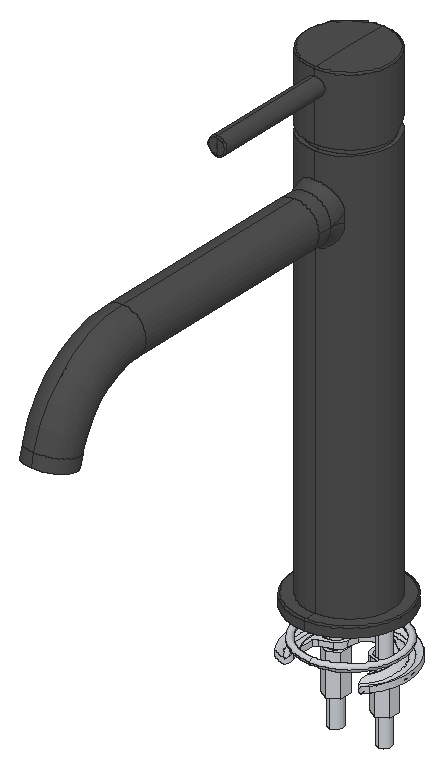
Revit family "Reece_Tap_Mizu_Drift_Basin Mixer_Curved_Medium", category Plumbing Fixtures, host Face, Revit 2018
Family settings
  Host = Face
  Round Connector Dimension = Use Diameter
  Part Type = Normal
  Cut with Voids When Loaded = No
  Shared = Yes
  Room Calculation Point = Yes
Parameters (values of type "165 mm_Matte Black")
  WFU = 0  # constant formula
  URL = "https://www.reece.com.au/product/-2267221"
  Type Comments = "Tap"
  Reece_Tap_Reach = 165 mm  # constant formula
  Reece_Tap_Inlet = 12 mm  # constant formula
  Reece_Tap_Clearance = 128 mm  # constant formula
  Reece_Product_Web Page = "https://www.reece.com.au/product/-2267221"
  Reece_Product_Type = "Tap"  # constant formula
  Reece_Product_Sub Brand = "Drift"  # constant formula
  Reece_Product_Number = "2267221"
  Reece_Product_Mount = "Hob Mounted"  # constant formula
  Reece_Product_Description = "Mizu Drift Medium Height Basin Mixer Curved Spout Matte Black (6 Star)"
  Reece_Product_Brand = "Mizu"  # constant formula
  Reece_Overall_Length = 200 mm  # constant formula
  Reece_Overall_Height = 221 mm  # constant formula
  Reece_Nozzle_Pipe Radius = 10.5 mm  # constant formula
  Reece_Material_Main = Reece_Brass_Matte Black
  Reece_Detail_Shape = "Curved"  # constant formula
  Reece_Detail_Installation = ""
  Reece_Detail_Disclaimer = "THIS FILE IS THE PROPERTY OF THE REECE GROUP. IT MAY NOT BE REPRODUCED, REVERSE-ENGINEERED, OR MODIFIED. ANY REPUBLICATION, TRANSMISSION, OR DISTRIBUTION FOR THE PURPOSE OF COMMERCIALLY EXPLOITING THE FILES IS PROHIBITED."  # constant formula
  Reece_Detail_Connector = ""
  Reece_Detail_Additional = "Medium Height"  # constant formula
  Model = "Drift"
  Manufacturer = "Mizu"
  Keynote = "Product #2267221, Reece_Tap_Mizu_Drift_Basin Mixer_Curved_Medium - 165 mm_Matte Black"
  HWFU = 0  # constant formula
  Disclaimer = "THIS FILE IS THE PROPERTY OF THE REECE GROUP. IT MAY NOT BE REPRODUCED, REVERSE-ENGINEERED, OR MODIFIED. ANY REPUBLICATION, TRANSMISSION, OR DISTRIBUTION FOR THE PURPOSE OF COMMERCIALLY EXPLOITING THE FILES IS PROHIBITED."  # constant formula
  Description = "Mizu Drift Medium Height Basin Mixer Curved Spout Matte Black (6 Star)"
  Default Elevation = 1000 mm
  CWFU = 0  # constant formula
Types (5, lengths in mm): name | URL | Reece_Product_Web Page | Reece_Product_Number | Reece_Product_Description | Reece_Material_Main | Keynote | Description
  165 mm_Brushed Nickel | "https://www.reece.com.au/product/-2267241" | "https://www.reece.com.au/product/-2267241" | "2267241" | "Mizu Drift Medium Height Basin Mixer Curved Spout Brushed Nickel (6 Star)" | Reece_Brass_Brushed Nickel | "Product #2267241, Reece_Tap_Mizu_Drift_Basin Mixer_Curved_Medium - 165 mm_Brushed Nickel" | "Mizu Drift Medium Height Basin Mixer Curved Spout Brushed Nickel (6 Star)"
  165 mm_Chrome | "https://www.reece.com.au/product/-2267199" | "https://www.reece.com.au/product/-2267199" | "2267199" | "Mizu Drift Medium Height Basin Mixer Curved Spout Chrome (6 Star)" | Reece_Brass_Chrome | "Product #2267199, Reece_Tap_Mizu_Drift_Basin Mixer_Curved_Medium - 165 mm_Chrome" | "Mizu Drift Medium Height Basin Mixer Curved Spout Chrome (6 Star)"
  165 mm_Matte Black | "https://www.reece.com.au/product/-2267221" | "https://www.reece.com.au/product/-2267221" | "2267221" | "Mizu Drift Medium Height Basin Mixer Curved Spout Matte Black (6 Star)" | Reece_Brass_Matte Black | "Product #2267221, Reece_Tap_Mizu_Drift_Basin Mixer_Curved_Medium - 165 mm_Matte Black" | "Mizu Drift Medium Height Basin Mixer Curved Spout Matte Black (6 Star)"
  165 mm_Brushed Gunmetal | "https://www.reece.com.au/product/-2267261" | "https://www.reece.com.au/product/-2267261" | "2267261" | "Mizu Drift Medium Height Basin Mixer Curved Spout Brushed Gunmetal (6 Star)" | Reece_Brass_Brushed Gunmetal | "Product #2267261, Reece_Tap_Mizu_Drift_Basin Mixer_Curved_Medium - 165 mm_Brushed Gunmetal" | "Mizu Drift Medium Height Basin Mixer Curved Spout Brushed Gunmetal (6 Star)"
  165 mm_Brushed Brass | "https://www.reece.com.au/product/-2267281" | "https://www.reece.com.au/product/-2267281" | "2267281" | "Mizu Drift Medium Height Basin Mixer Curved Spout Brushed Brass (6 Star)" | Reece_Brass_Brushed | "Product #2267281, Reece_Tap_Mizu_Drift_Basin Mixer_Curved_Medium - 165 mm_Brushed Brass" | "Mizu Drift Medium Height Basin Mixer Curved Spout Brushed Brass (6 Star)"
Reference planes
  plane 1 "Center (Front/Back)": y = 0
  plane 2: z = 0
  plane 3 "Center (Left/Right)": x = 0
  plane 4 "Top": z = 221
  plane 5: y = -165
  plane 6: through (0, -165, 128) normal (0, -0.9659, 0.2588)
  plane 7: z = 128
  plane 8: z = 163
  plane 9: y = 24.5
  plane 10: y = -175.5
Forms (mm)
  Revolve 1, solid, material "Reece_Brass_Matte Black" <- "Reece_Material_Main"
    sketch origin (0, 0, 0) x (0, 1, 0) y (0, 0, 1)
      loop
        line (-19, 187.8) -> (-19, 4.5) -> (-17.5, 4.5) -> (-17.5, 7) -> (0, 7) -> (0, 193.8) -> (-13.55, 193.8) -> (-13.55, 197.484)
        arc (-13.55, 197.484) -> (-15.908, 192.868) -> (-17, 187.8) r 20
        line (-17, 187.8) -> (-19, 187.8)
      axis (0, 197.484) -> (0, 4.5)
    angle from 0 to 360
  Revolve 2, solid, material "Reece_Brass_Matte Black" <- "Reece_Material_Main"
    sketch origin (0, 0, 0) x (0, 1, 0) y (0, 0, 1)
      loop
        line (-17.5, 4.5) -> (-24, 4.5)
        arc (-24, 4.5) -> (-24.354, 4.354) -> (-24.5, 4) r 0.5
        line (-24.5, 4) -> (-24.5, 0) -> (-22, 0) -> (-22, -1) -> (-18, -1) -> (-18, 2) -> (-16.5, 2) -> (-16.5, 5.5) -> (-17.5, 5.5) -> (-17.5, 4.5)
      axis (0, 5.5) -> (0, -1)
    angle from 0 to 360
  Revolve 3, solid, material "Reece_Brass_Matte Black" <- "Reece_Material_Main"
    sketch origin (0, 0, 37) x (0, 1, 0) y (0, 0, 1)
      loop
        line (-19, 153.3) -> (-17.94, 153.3) -> (-17.5, 159.59) -> (-17.5, 163.3) -> (0, 163.3) -> (0, 184)
        arc (0, 184) -> (-9.214, 183.908) -> (-18.424, 183.634) r 466.11
        arc (-18.424, 183.634) -> (-18.833, 183.45) -> (-19, 183.034) r 0.6
        line (-19, 183.034) -> (-19, 153.3)
      axis (0, 184) -> (0, 153.3)
    angle from 0 to 360
  Extrusion 4, void
    sketch origin (0, 42.299, 209.056) x (0, 0.91357, 0.406681) y (1, 0, 0)
      loop
        line (-8.083, 24.5) -> (-58.083, 24.5) -> (-58.083, -24.5) -> (-8.083, -24.5) -> (-8.083, 24.5)
    from 0 to 19
  Revolve 5, void
    sketch origin (0, 0, 34.656) x (0, 1, 0) y (0, 0, 1)
      loop
        line (17.434, 174.743) -> (17.434, 170.75) -> (20.568, 170.75) -> (20.568, 174.743) -> (17.434, 174.743)
      axis (20.568, 170.75) -> (17.434, 170.75)
    angle from 0 to 360
  Revolve 6, solid, material "Reece_Brass_Matte Black" <- "Reece_Material_Main"
    sketch origin (0, 0, 34.656) x (0, 1, 0) y (0, 0, 1)
      loop
        arc (19.852, 170.75) -> (19.653, 172.536) -> (19.065, 174.234) r 8.104
        arc (19.065, 174.234) -> (18.801, 174.532) -> (18.419, 174.642) r 0.716
        line (18.419, 174.642) -> (14.872, 174.642) -> (14.872, 170.75) -> (19.852, 170.75)
      axis (14.872, 170.75) -> (19.852, 170.75)
    angle from 0 to 360
  Revolve 7, solid, material "Reece_Brass_Matte Black" <- "Reece_Material_Main"
    sketch origin (0, 0, 36) x (0, 1, 0) y (0, 0, 1)
      loop
        line (-73.215, 177.258) -> (-11.215, 177.258) -> (-11.215, 180.458) -> (-12.015, 181.258) -> (-72.715, 181.258)
        arc (-72.715, 181.258) -> (-73.069, 181.112) -> (-73.215, 180.758) r 0.5
        line (-73.215, 180.758) -> (-73.215, 177.258)
      axis (-11.215, 177.258) -> (-73.215, 177.258)
    angle from 0 to 360
  Revolve 8, solid
    sketch origin (0, 0, 0) x (0, 1, 0) y (0, 0, 1)
      loop
        circle (22.2, -14) r 1.3
      axis (1, -14) -> (1, -13)
    angle from 0 to 360
  Extrusion 9, void
    sketch origin (0, 2, 7) x (1, 0, 0) y (0, 1, 0)
      loop
        circle (-7, -9.5) r 6.7
      loop
        circle (-10.749, 4.019) r 3.519
      loop
        circle (10.75, 4) r 3.5
      loop
        circle (7, -9.5) r 6.7
    from 0 to 4
  Extrusion 10, solid
    sketch origin (0, 2, 7) x (0, 1, 0) y (1, 0, 0)
      loop
        circle (4, 10.75) r 3
      loop
        circle (4, -10.75) r 3
    from 0 to 61.5
  Revolve 11, solid
    sketch origin (0, 0, 0) x (0, 1, 0) y (0, 0, 1)
      loop
        arc (18.75, -21.5) -> (21.75, -23) -> (24.75, -21.5) r 3.75
        line (24.75, -21.5) -> (25.75, -21.5) -> (25.75, -19)
        arc (25.75, -19) -> (24.212, -19.499) -> (22.941, -20.498) r 4.61
        arc (22.941, -20.498) -> (21.841, -21) -> (20.728, -20.527) r 1.5
        arc (20.728, -20.527) -> (19.122, -19.398) -> (17.2, -19) r 4.84
        line (17.2, -19) -> (17.2, -21.5) -> (18.75, -21.5)
      axis (0, -19) -> (0, -21.5)
    angle from 0 to 360
  Extrusion 12, solid
    sketch origin (0, 0, -23) x (1, 0, 0) y (0, 1, 0)
      loop
        arc (-9.053, 2.711) -> (-6.961, 7.197) -> (-11.447, 9.289) r 3.5
        line (-11.447, 9.289) -> (-13.326, 8.605)
        arc (-13.326, 8.605) -> (-15.418, 4.119) -> (-10.932, 2.027) r 3.5
        line (-10.932, 2.027) -> (-9.053, 2.711)
      loop
        arc (-5.01, 5.791) -> (-6.06, 3.288) -> (-8.263, 1.702) r 5
        line (-8.263, 1.702) -> (-13.684, -0.271)
        arc (-13.684, -0.271) -> (-14.638, -1.003) -> (-15, -2.15) r 2
        line (-15, -2.15) -> (-15, -8.417)
        arc (-15, -8.417) -> (0, 17.2) -> (15, -8.417) r 17.2
        line (15, -8.417) -> (15, -2.15)
        arc (15, -2.15) -> (14.638, -1.003) -> (13.684, -0.271) r 2
        line (13.684, -0.271) -> (8.263, 1.702)
        arc (8.263, 1.702) -> (6.06, 3.288) -> (5.01, 5.791) r 5
        line (5.01, 5.791) -> (4.466, 10.221)
        arc (4.466, 10.221) -> (0, 14.173) -> (-4.466, 10.221) r 4.5
        line (-4.466, 10.221) -> (-5.01, 5.791)
      loop
        arc (11.447, 9.289) -> (6.961, 7.197) -> (9.053, 2.711) r 3.5
        line (9.053, 2.711) -> (10.932, 2.027)
        arc (10.932, 2.027) -> (15.418, 4.119) -> (13.326, 8.605) r 3.5
        line (13.326, 8.605) -> (11.447, 9.289)
    from 1.5 to 4
  Extrusion 13, void
    sketch origin (0, 0, -23) x (1, 0, 0) y (0, 1, 0)
      loop
        line (27.556, -34.599) -> (27.556, -14.961) -> (20.958, -14.961)
        arc (20.958, -14.961) -> (17.049, -15.272) -> (15, -11.93) r 3.75
        line (15, -11.93) -> (15, -8.417) -> (-15, -8.417) -> (-15, -11.93)
        arc (-15, -11.93) -> (-17.049, -15.272) -> (-20.958, -14.961) r 3.75
        line (-20.958, -14.961) -> (-27.556, -14.961) -> (-27.556, -34.599) -> (27.556, -34.599)
    from 0 to 5
  Extrusion 14, solid
    sketch origin (0, 0, 0) x (1, 0, 0) y (0, 1, 0)
      loop
        circle (10.75, 6) r 3
      loop
        line (10.75, 11.196) -> (6.25, 8.598) -> (6.25, 3.402) -> (10.75, 0.804) -> (15.25, 3.402) -> (15.25, 8.598) -> (10.75, 11.196)
      loop
        circle (-10.75, 6) r 3
      loop
        line (-10.75, 11.196) -> (-15.25, 8.598) -> (-15.25, 3.402) -> (-10.75, 0.804) -> (-6.25, 3.402) -> (-6.25, 8.598) -> (-10.75, 11.196)
    from -41.5 to -23
  Extrusion 15, void
    sketch origin (0, 0, 0) x (1, 0, 0) y (0, 1, 0)
      loop
        circle (0, 0) r 22
    from 0 to -35
  Sweep 16, solid, material "Reece_Brass_Matte Black" <- "Reece_Material_Main"
    path origin (0, -0.358, 0) x (0, 1, 0) y (0, 0, 1)
      loop
        line (-29.571, 163) -> (-124.929, 163)
        arc (-124.929, 163) -> (-149.279, 154.734) -> (-163.566, 133.353) r 40
        line (-163.566, 133.353) -> (-165, 128)
    profile origin (0, -77.608, 163) x (0, 0, -1) y (1, 0, 0)
      loop
        circle (0, 0) r 10.5
  Sweep 17, solid, material "Reece_Brass_Matte Black" <- "Reece_Material_Main"
    path origin (0, 0, 36) x (0, 1, 0) y (0, 0, 1)
      loop
        line (-29.929, 137.5) -> (-23.438, 137.5)
        arc (-23.438, 137.5) -> (-19.902, 138.964) -> (-18.438, 142.5) r 5
        line (-18.438, 142.5) -> (-18.438, 147.5)
    profile origin (0, -26.683, 173.5) x (0, 0, 1) y (1, 0, 0)
      loop
        arc (-10.5, -10.5) -> (0, 0) -> (-10.5, 10.5) r 10.5
        line (-10.5, 10.5) -> (-10.5, -10.5)
  Sweep 18, solid, material "Reece_Brass_Matte Black" <- "Reece_Material_Main"
    path origin (0, 0, 290) x (0, 1, 0) y (0, 0, -1)
      loop
        line (-29.929, 137.5) -> (-23.438, 137.5)
        arc (-23.438, 137.5) -> (-19.902, 138.964) -> (-18.438, 142.5) r 5
        line (-18.438, 142.5) -> (-18.438, 147.5)
    profile origin (0, -26.683, 152.5) x (0, 0, 1) y (1, 0, 0)
      loop
        line (10.5, -10.5) -> (10.5, 10.5)
        arc (10.5, 10.5) -> (0, 0) -> (10.5, -10.5) r 10.5
  Extrusion 19, solid, material "Reece_Brass_Matte Black" <- "Reece_Material_Main"
    sketch origin (0, 0, 36) x (0, 1, 0) y (0, 0, 1)
      loop
        arc (-23.438, 127) -> (-12.477, 122.46) -> (-7.938, 111.5) r 15.5
        line (-7.938, 111.5) -> (-7.938, 142.5)
        arc (-7.938, 142.5) -> (-12.477, 131.54) -> (-23.438, 127) r 15.5
    from -10.5 to 10.5
  Revolve 20, void
    sketch origin (0, 0, 0) x (0, 1, 0) y (0, 0, 1)
      loop
        line (-165.616, 127.037) -> (-154.803, 124.139) -> (-154.545, 125.103) -> (-155.925, 125.472) -> (-155.399, 127.436) -> (-156.364, 127.695) -> (-156.628, 126.713) -> (-165.095, 128.982) -> (-165.616, 127.037)
      axis (-165.616, 127.037) -> (-164.832, 129.964)
    angle from 0 to 360
Cuts and joins
  Extrusion 9 cuts Extrusion 10
  joined: Extrusion 10, Extrusion 14
  Extrusion 13 cuts Revolve 11
  Extrusion 9 cuts Revolve 1
  Extrusion 9 cuts Revolve 2
  Extrusion 4, Revolve 5 cuts Revolve 3
  Revolve 20 cuts Sweep 16
  joined: Revolve 1, Revolve 2, Revolve 3, Revolve 7, Sweep 16, Sweep 17, Sweep 18, Extrusion 19
Lines and regions (mm)
  reference lines
    curve 1: line (0, 42.299, 209.056) -> (0, 0.166, 190.3)
Text (mm)
  text "Reece Copyright © 2018, Reece Ltd." at (-1403.988, -1192.393, 0), in view "Ref. Level"
  text "Reece ©" at (-42.747, 148.047, 168.573), in view "Reece Preview"
Dimensions and locks
  locked: Revolve 1 sketch curve to Revolve 1 sketch curve at 6
  locked: Revolve 1 sketch curve to Revolve 1 sketch curve at 2.5
  Revolve 1 sketch curve to Revolve 1 sketch curve = 19 mm
  Revolve 2 sketch curve to Revolve 2 sketch curve = 24.5 mm
  locked: Revolve 2 sketch curve to Revolve 2 sketch curve at 2.5
  locked: Revolve 2 sketch curve to Revolve 2 sketch curve at 3.5
  locked: Revolve 2 sketch curve to Revolve 2 sketch curve at 1
  Revolve 2 sketch curve to Revolve 2 sketch curve = 17.5 mm
  locked: Revolve 2 sketch curve to Revolve 2 sketch curve at 1.5
  Extrusion 4 sketch curve to curve 1 to Extrusion 4 sketch curve = 24.5 mm, 24.5 mm
  "Reece_Overall_Height": plane 4 "Top" to level
  Revolve 7 sketch curve to Revolve 7 sketch curve = 4 mm
  "Reece_Tap_Clearance": plane 7 to plane 2
  "Reece_Tap_Reach": plane 5 to plane 1 "Center (Front/Back)"
  plane 8 to level = 163 mm
  plane 8 to host face = 163 mm
  "Reece_Overall_Length": plane 9 to plane 10
  "Reece_Nozzle_Pipe Radius": radius of Sweep 16 sketch curve
  angle plane 6 to plane 5 = 15.00°
  angle plane 5 to plane 6 = 15.00°
  aligned and locked: plane 2 to host face
  aligned and locked: level to host face
  aligned and locked: Revolve 3 sketch curve to Revolve 3 sketch curve
Automatic sketch dimensions
  host sketch curve to host sketch curve = 380.785 mm
  host sketch curve to host sketch curve = 317.421 mm
  curve 1 to plane 1 "Center (Front/Back)" = 0.166 mm
  curve 1 to plane 4 "Top" = 11.944 mm
  curve 1 to plane 1 "Center (Front/Back)" = 42.299 mm
  curve 1 to plane 4 "Top" = 30.7 mm
  Revolve 5 sketch curve to plane 1 "Center (Front/Back)" = 17.434 mm
  Revolve 5 sketch curve to Revolve 5 sketch curve = 3.134 mm
  Revolve 5 sketch curve to plane 4 "Top" = 15.594 mm
  Revolve 5 sketch curve to Revolve 5 sketch curve = 3.993 mm
  Revolve 5 sketch curve to Revolve 5 sketch curve = 2.864 mm
  Revolve 5 sketch curve to Revolve 5 sketch curve = 4.002 mm
  Revolve 5 sketch curve to Revolve 5 sketch curve = 0 mm
  Revolve 6 sketch curve to plane 1 "Center (Front/Back)" = 11.748 mm
  Revolve 6 sketch curve to Revolve 6 sketch curve = 3.124 mm
  Revolve 6 sketch curve to Revolve 6 sketch curve = 3.547 mm
  Revolve 6 sketch curve to Revolve 6 sketch curve = 4.98 mm
  Revolve 6 sketch curve to plane 4 "Top" = 15.594 mm
  Revolve 6 sketch curve to Revolve 6 sketch curve = 3.177 mm
  Revolve 6 sketch curve to Revolve 6 sketch curve = 0.716 mm
  Revolve 6 sketch curve to Revolve 6 sketch curve = 1.775 mm
  Revolve 6 sketch curve to Revolve 6 sketch curve = 5.654 mm
  Revolve 6 sketch curve to Revolve 6 sketch curve = 0 mm
  Revolve 8 sketch curve to plane 1 "Center (Front/Back)" = 22.2 mm
  Revolve 8 sketch curve to level = 14 mm  (x2)
  Revolve 8 sketch curve to plane 1 "Center (Front/Back)" = 1 mm
  Revolve 8 sketch curve to Revolve 8 sketch curve = 4.102 mm
  Revolve 1 to Extrusion 9 sketch curve = 10.749 mm
  Revolve 1 to Extrusion 9 sketch curve = 7 mm
  Extrusion 9 sketch curve to Revolve 1 = 7 mm
  Extrusion 9 sketch curve to Revolve 1 = 10.75 mm
  Extrusion 9 sketch curve to Extrusion 9 sketch curve = 0 mm
  Extrusion 9 sketch curve to Extrusion 9 sketch curve = 13.5 mm
  Extrusion 9 sketch curve to Extrusion 9 sketch curve = 13.519 mm
  Revolve 1 to Extrusion 10 sketch curve = 10.75 mm
  Extrusion 10 sketch curve to Extrusion 10 sketch curve = 0 mm
  Extrusion 10 sketch curve to Revolve 1 = 10.75 mm
  Revolve 11 sketch curve to plane 1 "Center (Front/Back)" = 0 mm
  Revolve 11 sketch curve to plane 1 "Center (Front/Back)" = 17.2 mm
  Revolve 11 sketch curve to Revolve 11 sketch curve = 1.55 mm
  Revolve 11 sketch curve to Revolve 11 sketch curve = 3 mm
  Revolve 11 sketch curve to Revolve 11 sketch curve = 0.072 mm
  Revolve 11 sketch curve to Revolve 11 sketch curve = 2.928 mm
  Revolve 11 sketch curve to Revolve 11 sketch curve = 1 mm
  Revolve 11 sketch curve to Revolve 11 sketch curve = 0.632 mm
  Revolve 11 sketch curve to level = 23.84 mm
  Revolve 11 sketch curve to Revolve 11 sketch curve = 0.274 mm
  Revolve 11 sketch curve to Revolve 11 sketch curve = 2.34 mm
  Revolve 11 sketch curve to Revolve 11 sketch curve = 2 mm
  Revolve 11 sketch curve to Revolve 11 sketch curve = 0.25 mm
  Revolve 11 sketch curve to Revolve 11 sketch curve = 2.5 mm  (x2)
  Revolve 11 sketch curve to Revolve 11 sketch curve = 0 mm
  Revolve 11 sketch curve to Revolve 11 sketch curve = 316.97 mm
  plane 4 "Top" to Revolve 11 sketch curve = 659.832 mm
  plane 1 "Center (Front/Back)" to Extrusion 12 sketch curve = 0 mm
  Extrusion 12 sketch curve to plane 3 "Center (Left/Right)" = 0 mm  (x2)
  Extrusion 12 sketch curve to plane 3 "Center (Left/Right)" = 4.466 mm
  Extrusion 12 sketch curve to Extrusion 12 sketch curve = 0.544 mm  (x2)
  Extrusion 12 sketch curve to plane 1 "Center (Front/Back)" = 1.702 mm  (x2)
  Extrusion 12 sketch curve to Extrusion 12 sketch curve = 3.253 mm  (x2)
  Extrusion 12 sketch curve to plane 1 "Center (Front/Back)" = 2.711 mm
  Extrusion 12 sketch curve to Extrusion 12 sketch curve = 0.79 mm  (x2)
  Extrusion 12 sketch curve to Extrusion 12 sketch curve = 0.92 mm  (x2)
  Extrusion 12 sketch curve to Extrusion 12 sketch curve = 0.277 mm  (x2)
  Extrusion 12 sketch curve to plane 1 "Center (Front/Back)" = 2.027 mm  (x2)
  Extrusion 12 sketch curve to Extrusion 12 sketch curve = 1.879 mm  (x6)
  Extrusion 12 sketch curve to Extrusion 12 sketch curve = 1.474 mm  (x2)
  Extrusion 12 sketch curve to Extrusion 12 sketch curve = 2.068 mm  (x2)
  Extrusion 12 sketch curve to plane 1 "Center (Front/Back)" = 8.605 mm
  plane 1 "Center (Front/Back)" to Extrusion 12 sketch curve = 0.271 mm  (x2)
  Extrusion 12 sketch curve to Extrusion 12 sketch curve = 0.684 mm  (x2)
  Extrusion 12 sketch curve to Extrusion 12 sketch curve = 2 mm
  plane 3 "Center (Left/Right)" to Extrusion 12 sketch curve = 4.466 mm
  plane 1 "Center (Front/Back)" to Extrusion 12 sketch curve = 2.15 mm
  Extrusion 12 sketch curve to Extrusion 12 sketch curve = 6.266 mm
  Extrusion 12 sketch curve to Extrusion 12 sketch curve = 1.009 mm
  Extrusion 12 sketch curve to Extrusion 12 sketch curve = 3.289 mm
  Extrusion 12 sketch curve to Extrusion 12 sketch curve = 3.08 mm  (x2)
  Extrusion 12 sketch curve to Extrusion 12 sketch curve = 0.401 mm  (x2)
  Extrusion 12 sketch curve to Extrusion 12 sketch curve = 3.882 mm
  Extrusion 12 sketch curve to Extrusion 12 sketch curve = 4.43 mm
  Extrusion 13 sketch curve to plane 3 "Center (Left/Right)" = 27.556 mm
  Extrusion 13 sketch curve to Extrusion 13 sketch curve = 6.599 mm  (x2)
  Extrusion 13 sketch curve to Extrusion 13 sketch curve = 2.208 mm  (x2)
  Extrusion 13 sketch curve to Extrusion 13 sketch curve = 3.75 mm  (x2)
  plane 3 "Center (Left/Right)" to Extrusion 13 sketch curve = 15 mm
  plane 1 "Center (Front/Back)" to Extrusion 13 sketch curve = 34.599 mm
  plane 1 "Center (Front/Back)" to Extrusion 13 sketch curve = 14.961 mm  (x2)
  Extrusion 13 sketch curve to Extrusion 13 sketch curve = 3.514 mm
  Extrusion 14 sketch curve to plane 3 "Center (Left/Right)" = 15.25 mm
  Extrusion 14 sketch curve to plane 1 "Center (Front/Back)" = 0.804 mm  (x2)
  Extrusion 14 sketch curve to Extrusion 14 sketch curve = 4.5 mm  (x6)
  Extrusion 14 sketch curve to Extrusion 14 sketch curve = 0 mm  (x2)
  plane 3 "Center (Left/Right)" to Extrusion 14 sketch curve = 6.25 mm
  Extrusion 14 sketch curve to plane 1 "Center (Front/Back)" = 3.402 mm  (x4)
  Extrusion 14 sketch curve to Extrusion 14 sketch curve = 5.196 mm  (x7)
  Extrusion 14 sketch curve to Extrusion 14 sketch curve = 2.598 mm
  Extrusion 15 sketch curve to Extrusion 15 sketch curve = 0 mm  (x2)
  Extrusion 15 sketch curve to plane 3 "Center (Left/Right)" = 0 mm
  plane 1 "Center (Front/Back)" to Extrusion 15 sketch curve = 0 mm
  plane 1 "Center (Front/Back)" to Extrusion 15 sketch curve = 22 mm
  Revolve 7 sketch curve to plane 4 "Top" = 7.742 mm
  Revolve 7 sketch curve to Revolve 7 sketch curve = 0.5 mm
  Revolve 7 sketch curve to Revolve 7 sketch curve = 0.8 mm
  Revolve 7 sketch curve to Revolve 7 sketch curve = 3.2 mm
  Revolve 7 sketch curve to Revolve 7 sketch curve = 1.412 mm
  Revolve 7 sketch curve to plane 1 "Center (Front/Back)" = 0.187 mm
  Revolve 7 sketch curve to Revolve 7 sketch curve = 0 mm
  plane 1 "Center (Front/Back)" to Revolve 7 sketch curve = 11.215 mm
  Revolve 7 sketch curve to Revolve 7 sketch curve = 60.7 mm
  Revolve 1 sketch curve to plane 1 "Center (Front/Back)" = 0 mm  (x2)
  Revolve 1 sketch curve to Revolve 1 sketch curve = 1.5 mm
  Revolve 1 sketch curve to Revolve 1 sketch curve = 2 mm
  Revolve 1 sketch curve to Revolve 1 sketch curve = 3.45 mm
  Revolve 1 sketch curve to plane 1 "Center (Front/Back)" = 2.932 mm
  level to Revolve 1 sketch curve = 4.5 mm
  plane 8 to Revolve 1 sketch curve = 23.156 mm
  Revolve 1 sketch curve to Revolve 1 sketch curve = 1.644 mm
  Revolve 1 sketch curve to level = 340.81 mm
  plane 4 "Top" to Revolve 1 sketch curve = 2227.37 mm
  Revolve 2 sketch curve to level = 0 mm
  Revolve 2 sketch curve to plane 1 "Center (Front/Back)" = 0 mm
  Revolve 2 sketch curve to Revolve 2 sketch curve = 0.5 mm
  Revolve 2 sketch curve to level = 1 mm
  level to Revolve 2 sketch curve = 2 mm
  Revolve 2 sketch curve to Revolve 2 sketch curve = 4 mm
  Revolve 2 sketch curve to Revolve 2 sketch curve = 339.81 mm
  plane 4 "Top" to Revolve 2 sketch curve = 2227.37 mm
  Extrusion 4 sketch curve to curve 1 = 11.965 mm
  Extrusion 4 sketch curve to curve 1 = 8.083 mm
  Revolve 3 sketch curve to plane 1 "Center (Front/Back)" = 0 mm
  Revolve 3 sketch curve to plane 4 "Top" = 0 mm
  plane 1 "Center (Front/Back)" to Revolve 3 sketch curve = 17.5 mm
  Revolve 3 sketch curve to Revolve 3 sketch curve = 0.44 mm
  Revolve 3 sketch curve to plane 4 "Top" = 0.966 mm
  Revolve 3 sketch curve to Revolve 3 sketch curve = 0.6 mm
  Revolve 3 sketch curve to plane 1 "Center (Front/Back)" = 0.055 mm
  Revolve 3 sketch curve to Revolve 3 sketch curve = 19.734 mm
  Revolve 3 sketch curve to Revolve 3 sketch curve = 3.71 mm
  Revolve 3 sketch curve to Revolve 3 sketch curve = 6.29 mm
  Revolve 3 sketch curve to plane 4 "Top" = 0.366 mm
  Revolve 3 sketch curve to Revolve 3 sketch curve = 0 mm
  Revolve 3 sketch curve to Revolve 3 sketch curve = 58.7 mm
  plane 4 "Top" to Revolve 3 sketch curve = 2177.364 mm
  plane 1 "Center (Front/Back)" to Sweep 17 sketch curve = 23.438 mm
  Sweep 17 sketch curve to Sweep 17 sketch curve = 5 mm  (x2)
  plane 7 to Sweep 17 sketch curve = 45.5 mm
  Sweep 17 sketch curve to Sweep 17 sketch curve = 6.491 mm
  Sweep 17 sketch curve to profile plane = 0 mm
  profile plane to Sweep 17 sketch curve = 10.5 mm
  Sweep 17 sketch curve to Sweep 17 sketch curve = 10.5 mm
  Sweep 18 sketch curve to plane 1 "Center (Front/Back)" = 23.438 mm
  Sweep 18 sketch curve to Sweep 18 sketch curve = 5 mm  (x2)
  Sweep 18 sketch curve to plane 7 = 24.5 mm
  Sweep 18 sketch curve to Sweep 18 sketch curve = 6.491 mm
  Sweep 18 sketch curve to profile plane = 0 mm
  Sweep 18 sketch curve to profile plane = 10.5 mm  (x2)
  plane 1 "Center (Front/Back)" to Extrusion 19 sketch curve = 23.438 mm
  Extrusion 19 sketch curve to Extrusion 19 sketch curve = 0 mm  (x3)
  plane 1 "Center (Front/Back)" to Extrusion 19 sketch curve = 7.938 mm
  plane 7 to Extrusion 19 sketch curve = 19.5 mm
  plane 7 to Extrusion 19 sketch curve = 50.5 mm
  Sweep 16 sketch curve to plane 7 = 0 mm
  Sweep 16 sketch curve to plane 8 = 0 mm
  Sweep 16 sketch curve to plane 5 = 1.076 mm
  Sweep 16 sketch curve to plane 7 = 5 mm
  Sweep 16 sketch curve to Sweep 16 sketch curve = 38.637 mm
  plane 5 to Sweep 16 sketch curve = 0.358 mm
  plane 1 "Center (Front/Back)" to Sweep 16 sketch curve = 29.929 mm
  plane 5 to Revolve 20 sketch curve = 0.616 mm
  plane 7 to Revolve 20 sketch curve = 0.982 mm
  Revolve 20 sketch curve to Revolve 20 sketch curve = 0.521 mm
  Revolve 20 sketch curve to Revolve 20 sketch curve = 8.467 mm
  Revolve 20 sketch curve to plane 7 = 0.305 mm
  Revolve 20 sketch curve to Revolve 20 sketch curve = 0.263 mm
  Revolve 20 sketch curve to Revolve 20 sketch curve = 0.703 mm
  level to Revolve 20 sketch curve = 127.436 mm
  Revolve 20 sketch curve to plane 7 = 3.861 mm
  Revolve 20 sketch curve to Revolve 20 sketch curve = 5.942 mm
  plane 8 to Revolve 20 sketch curve = 20.002 mm
  Revolve 20 sketch curve to Revolve 20 sketch curve = 5.744 mm
  Revolve 20 sketch curve to Revolve 20 sketch curve = 22.176 mm
  Sweep 16 sketch curve to plane 3 "Center (Left/Right)" = 0 mm
  Sweep 16 sketch curve to profile plane = 0 mm
  radius of Revolve 8 sketch curve = 1.3 mm
  radius of Extrusion 9 sketch curve = 6.7 mm  (x2)
  radius of Extrusion 9 sketch curve = 3.519 mm
  radius of Extrusion 9 sketch curve = 3.5 mm
  radius of Extrusion 10 sketch curve = 3 mm  (x2)
  radius of Extrusion 14 sketch curve = 3 mm  (x2)
Connectors
  piping at (-7, -7.5, 11), diameter 12, driven by "Reece_Tap_Inlet"
    settings: on cut or joined group 1 (Revolve 1, Revolve 2, Revolve 3, Extrusion 4, Revolve 5, Revolve 7, Extrusion 9, Sweep 16, Sweep 17, Sweep 18, Extrusion 19, Revolve 20), index 1, connector inside diameter 609.6 mm, connector length 0 mm, flow factor 0, pipe flow 0.0 L/s, pressure drop 0.0 Pa, fitting loss kfactor 0, connector angle 0.00°, fixture units 0, engagement length 0 mm, angle of deflection 0.00°, flow configuration 0, flow direction 2, fitting loss method 0, system type 29, joint type 0, gender type 0, connector reference index -1, connector utility 0, adjustable connector no, is connector primary yes, connector description ""
  piping at (7, -7.5, 11), diameter 12, driven by "Reece_Tap_Inlet"
    settings: on cut or joined group 1, index 2, connector inside diameter 609.6 mm, connector length 0 mm, flow factor 0, pipe flow 0.0 L/s, pressure drop 0.0 Pa, fitting loss kfactor 0, connector angle 0.00°, fixture units 0, engagement length 0 mm, angle of deflection 0.00°, flow configuration 0, flow direction 2, fitting loss method 0, system type 29, joint type 0, gender type 0, connector reference index -1, connector utility 0, adjustable connector no, is connector primary no, connector description ""
